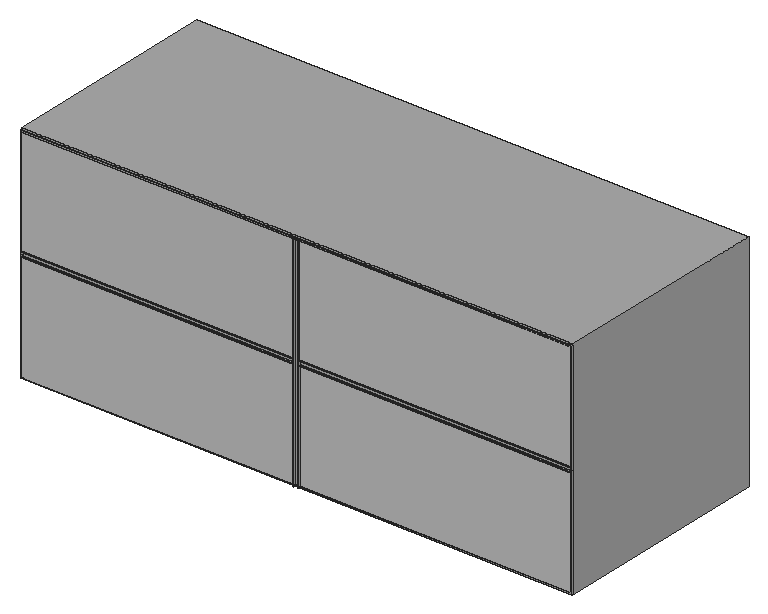
Revit family "vanity unit-hansgrohe-54198XXX-Xevolos E Vanity unit Slate Matt Grey 1370_550 with 4 drawers for consoles with 2 countertop basins ground", category Furniture, Revit 2019
Family settings
  OmniClass Number = 23.40.00.00
  OmniClass Title = Equipment and Furnishings
  Work Plane-Based = No
  Always vertical = Yes
  Cut with Voids When Loaded = No
  Shared = Yes
  Room Calculation Point = No
Parameters (values of type "54198770-SLATE_MATT_GREY-METALLIC_SLATE_GREY-200")
  etim7_EC011381 = "EC011381"
  WEIGHT = "85"
  UNSPSC = "56 | Furniture and Furnishings"
  UNIFORMATII = "E2010 | Fixed Furnishings"
  UNICLASS_2015_CODE = "40_30_78_05"
  UNICLASS2015 = "Pr_40_30_78_05 | Bathroom furniture"
  SURFACE = "METALLIC_SLATE_GREY"
  REGION = "Worldwide"
  PRODUCTURL = "https://pro.hansgrohe.com/articledetail--54198770"
  PERMALINK = "54198XXX"
  OMNICLASS = "23-21 19 15 33 13 | Residential Bathroom Specialty Casework"
  OBJECTTYPE = "Object (single object)"
  OBERFLAECHE = "SLATE_MATT_GREY"
  NN = "Vanity unit with 4 drawers for consoles with 2 countertop basins ground"
  NBSYN = "$ARTNR.-$OBERFLAECHE.-$SURFACE.-$LODLEVEL."
  NB = "54198770-SLATE_MATT_GREY-METALLIC_SLATE_GREY-200"
  NAME = "Xevolos E Vanity unit Slate Matt Grey 1370/550 with 4 drawers for consoles with 2 countertop basins ground"
  Model = "54198770-SLATE_MATT_GREY-METALLIC_SLATE_GREY-200"
  Manufacturer = "Hansgrohe"
  MIdent = "{$CADENAS_DATA/23d-libs/hansgrohe/xevolos_furniture/e_vanity_unit_4drawers_consoles_2countertop_basin/vanity_unit_4drawers_consoles_2countertopbasin.prj},309 {VTYP=3D},{NB=54198770-SLATE_MATT_GREY-METALLIC_SLATE_GREY-200},{LINA=54198770-SLATE_MATT_GREY-METALLIC_SLATE_GREY-200},{NN=Vanity unit with 4 drawers for consoles with 2 countertop basins ground},{DATE=13.03.2023 11:55:27},{GEOMDATE=12.03.2023 06:39:00},{VERSION=},{LINEID=90},{WBVAR=LODLEVEL},{WBNUMERIC=}  {NB=54198770-SLATE_MATT_GREY-METALLIC_SLATE_GREY-200},{LINA=54198770-SLATE_MATT_GREY-METALLIC_SLATE_GREY-200},{KT=DUMMY},{IDNR=9},{ARTNR=54198770},{BASENUMBER=54198},{MODEL=54198XXX},{OBERFLAECHE=SLATE_MATT_GREY},{SURFACE=METALLIC_SLATE_GREY},{L=1370},{LODLEVEL=200},{LODLEVELX='400','400','200','200'},{NAME=Xevolos E Vanity unit Slate Matt Grey 1370/550 with 4 drawers for consoles with 2 countertop basins ground},{PERMALINK=54198XXX},{OBJECTTYPE=Object (single object)},{BIMOBJECT=Sanitary: Compound units},{COLLECTIONSET=Xevolos E},{COLLECTION=vanity unit},{WEIGHT=85},{DESCRIPTION=Xevolos E Vanity unit Slate Matt Grey 1370/550 with 4 drawers for consoles with 2 countertop basins ground},{PRODUCTURL=https://pro.hansgrohe.com/articledetail--54198770},{GTINCODE=0},{TENDERURL=0},{IFC=Furnishing element},{ETIM=EC011381 | Bathroom furniture set},{UNICLASS2015=Pr_40_30_78_05 | Bathroom furniture},{OMNICLASS=23-21 19 15 33 13 | Residential Bathroom Specialty Casework},{MASTERFORMAT=12 35 30.23 | Bathroom Casework},{UNSPSC=56 | Furniture and Furnishings},{UNIFORMATII=E2010 | Fixed Furnishings},{REGION=Worldwide},{DESIGN=Germany},{MANUFACTURER=Germany}"
  MASTERFORMAT = "12 35 30.23 | Bathroom Casework"
  LODLEVEL = "200"
  LINA = "54198770-SLATE_MATT_GREY-METALLIC_SLATE_GREY-200"
  L = 1370
  IFC = "Furnishing element"
  IDNR = 9
  ETIM = "EC011381 | Bathroom furniture set"
  DESIGN = "Germany"
  COLLECTIONSET = "Xevolos E"
  COLLECTION = "vanity unit"
  CATALOG = "Hansgrohe"
  BIMOBJECT = "Sanitary: Compound units"
  BASENUMBER = "54198"
  ARTNR = "54198770"
  54198770-SLATE_MATT_GREY-METALLIC_SLATE_GREY-400_RX0RY0RZ0TX0TY0TZ0_V = no
  54198770-SLATE_MATT_GREY-METALLIC_SLATE_GREY-200_RX0RY0RZ0TX0TY0TZ0_V = yes
  54198730-SLATE_MATT_GREY-DARK_OAK-400_RX0RY0RZ0TX0TY0TZ0_V = no
  54198730-SLATE_MATT_GREY-DARK_OAK-200_RX0RY0RZ0TX0TY0TZ0_V = no
  54198390-SLATE_MATT_GREY-PATTEREND_BRONZE-400_RX0RY0RZ0TX0TY0TZ0_V = no
  54198390-SLATE_MATT_GREY-PATTEREND_BRONZE-200_RX0RY0RZ0TX0TY0TZ0_V = no
Reference planes
  plane 1 "Center (Front/Back)": y = 0
  plane 2: z = 0
  plane 3 "Center (Left/Right)": x = 0
Dimensions and locks
  aligned and locked: level to plane 2
Nested families
  nested 1: "54198390-slate_matt_grey-patterend_bronze-200_content" at (0, 0, 0), visible <- "54198390-SLATE_MATT_GREY-PATTEREND_BRONZE-200_RX0RY0RZ0TX0TY0TZ0_V", ContentVisible <- "54198390-SLATE_MATT_GREY-PATTEREND_BRONZE-200_RX0RY0RZ0TX0TY0TZ0_V", type "54198390-SLATE_MATT_GREY-PATTEREND_BRONZE-200_Content"
    with ContentVisible no
  nested 2: "54198390-slate_matt_grey-patterend_bronze-400_content" at (0, 0, 0), visible <- "54198390-SLATE_MATT_GREY-PATTEREND_BRONZE-400_RX0RY0RZ0TX0TY0TZ0_V", ContentVisible <- "54198390-SLATE_MATT_GREY-PATTEREND_BRONZE-400_RX0RY0RZ0TX0TY0TZ0_V", type "54198390-SLATE_MATT_GREY-PATTEREND_BRONZE-400_Content"
    with ContentVisible no
  nested 3: "54198730-slate_matt_grey-dark_oak-200_content" at (0, 0, 0), visible <- "54198730-SLATE_MATT_GREY-DARK_OAK-200_RX0RY0RZ0TX0TY0TZ0_V", ContentVisible <- "54198730-SLATE_MATT_GREY-DARK_OAK-200_RX0RY0RZ0TX0TY0TZ0_V", type "54198730-SLATE_MATT_GREY-DARK_OAK-200_Content"
    with ContentVisible no
  nested 4: "54198730-slate_matt_grey-dark_oak-400_content" at (0, 0, 0), visible <- "54198730-SLATE_MATT_GREY-DARK_OAK-400_RX0RY0RZ0TX0TY0TZ0_V", ContentVisible <- "54198730-SLATE_MATT_GREY-DARK_OAK-400_RX0RY0RZ0TX0TY0TZ0_V", type "54198730-SLATE_MATT_GREY-DARK_OAK-400_Content"
    with ContentVisible no
  nested 5: "54198770-slate_matt_grey-metallic_slate_grey-200_content" at (0, 0, 0), visible <- "54198770-SLATE_MATT_GREY-METALLIC_SLATE_GREY-200_RX0RY0RZ0TX0TY0TZ0_V", ContentVisible <- "54198770-SLATE_MATT_GREY-METALLIC_SLATE_GREY-200_RX0RY0RZ0TX0TY0TZ0_V", type "54198770-SLATE_MATT_GREY-METALLIC_SLATE_GREY-200_Content"
    with ContentVisible yes
  nested 6: "54198770-slate_matt_grey-metallic_slate_grey-400_content" at (0, 0, 0), visible <- "54198770-SLATE_MATT_GREY-METALLIC_SLATE_GREY-400_RX0RY0RZ0TX0TY0TZ0_V", ContentVisible <- "54198770-SLATE_MATT_GREY-METALLIC_SLATE_GREY-400_RX0RY0RZ0TX0TY0TZ0_V", type "54198770-SLATE_MATT_GREY-METALLIC_SLATE_GREY-400_Content"
    with ContentVisible no
Definition of nested family "54198770-slate_matt_grey-metallic_slate_grey-200_content"
  Parameters (values of type "54198770-SLATE_MATT_GREY-METALLIC_SLATE_GREY-200_Content")
    etim7_EC011381 = "EC011381"
    WEIGHT = "85"
    UNSPSC = "56 | Furniture and Furnishings"
    UNIFORMATII = "E2010 | Fixed Furnishings"
    UNICLASS_2015_CODE = "40_30_78_05"
    UNICLASS2015 = "Pr_40_30_78_05 | Bathroom furniture"
    SURFACE = "METALLIC_SLATE_GREY"
    REGION = "Worldwide"
    PRODUCTURL = "https://pro.hansgrohe.com/articledetail--54198770"
    PERMALINK = "54198XXX"
    OMNICLASS = "23-21 19 15 33 13 | Residential Bathroom Specialty Casework"
    OBJECTTYPE = "Object (single object)"
    OBERFLAECHE = "SLATE_MATT_GREY"
    NN = "Vanity unit with 4 drawers for consoles with 2 countertop basins ground"
    NBSYN = "$ARTNR.-$OBERFLAECHE.-$SURFACE.-$LODLEVEL."
    NB = "54198770-SLATE_MATT_GREY-METALLIC_SLATE_GREY-200"
    NAME = "Xevolos E Vanity unit Slate Matt Grey 1370/550 with 4 drawers for consoles with 2 countertop basins ground"
    Model = "54198770-SLATE_MATT_GREY-METALLIC_SLATE_GREY-200"
    Manufacturer = "Hansgrohe"
    MASTERFORMAT = "12 35 30.23 | Bathroom Casework"
    LODLEVEL = "200"
    LINA = "54198770-SLATE_MATT_GREY-METALLIC_SLATE_GREY-200"
    L = 1370
    IFC = "Furnishing element"
    IDNR = 9
    ETIM = "EC011381 | Bathroom furniture set"
    Default Elevation = 1219.2 mm
    DESIGN = "Germany"
    ContentVisible [instance] = yes
    COLLECTIONSET = "Xevolos E"
    COLLECTION = "vanity unit"
    CATALOG = "Hansgrohe"
    BIMOBJECT = "Sanitary: Compound units"
    BASENUMBER = "54198"
    ARTNR = "54198770"
  Reference planes
    plane 1 "Center (Front/Back)": y = 0
    plane 2: z = 0
    plane 3 "Center (Left/Right)": x = 0
  Forms (mm)
    Extrusion 1, solid, visible <- "ContentVisible", detail levels medium+fine
      sketch origin (0, 0, 0) x (1, 0, 0) y (0, 1, 0)
        loop
          line (-685, 0) -> (-685, -544.3) -> (685, -544.3) -> (685, 0) -> (-685, 0)
      from 0 to 558
    Extrusion 2, solid, visible <- "ContentVisible", detail levels medium+fine
      sketch origin (0, -544.3, 0) x (1, 0, 0) y (0, 0, -1)
        loop
          line (-685, -278) -> (-683, -278) -> (-683, -4) -> (683, -4) -> (683, -278) -> (685, -278) -> (685, -2) -> (-685, -2) -> (-685, -278)
      from -4 to 0
    Extrusion 3, solid, visible <- "ContentVisible", detail levels medium+fine
      sketch origin (0, -544.3, 0) x (1, 0, 0) y (0, 0, -1)
        loop
          line (-685, -278) -> (-685, -554) -> (685, -554) -> (685, -278) -> (683, -278) -> (683, -552) -> (-683, -552) -> (-683, -278) -> (-685, -278)
      from -4 to 0
    Extrusion 4, solid, visible <- "ContentVisible", detail levels medium+fine
      sketch origin (0, -544.3, 0) x (1, 0, 0) y (0, 0, -1)
        loop
          line (-683, -272.5) -> (-7, -272.5) -> (-7, -4) -> (-683, -4) -> (-683, -272.5)
      from -4 to 0
    Extrusion 5, solid, visible <- "ContentVisible", detail levels medium+fine
      sketch origin (0, -544.3, 0) x (1, 0, 0) y (0, 0, -1)
        loop
          line (7, -272.5) -> (683, -272.5) -> (683, -4) -> (7, -4) -> (7, -272.5)
      from -2 to 0
    Extrusion 6, solid, visible <- "ContentVisible", detail levels medium+fine
      sketch origin (0, -544.3, 0) x (1, 0, 0) y (0, 0, -1)
        loop
          line (-683, -554) -> (-7, -554) -> (-7, -285.5) -> (-683, -285.5) -> (-683, -554)
      from -4 to 0
    Extrusion 7, solid, visible <- "ContentVisible", detail levels medium+fine
      sketch origin (0, -544.3, 0) x (1, 0, 0) y (0, 0, -1)
        loop
          line (7, -554) -> (683, -554) -> (683, -285.5) -> (7, -285.5) -> (7, -554)
      from -4 to 0
    Extrusion 8, solid, visible <- "ContentVisible", detail levels medium+fine
      sketch origin (0, 0, 272.5) x (1, 0, 0) y (0, 1, 0)
        loop
          line (-683, -527) -> (-683, -548.3) -> (-7, -548.3) -> (-7, -527) -> (-683, -527)
      from 0 to 2
    Extrusion 9, solid, visible <- "ContentVisible", detail levels medium+fine
      sketch origin (0, 0, 272.5) x (1, 0, 0) y (0, 1, 0)
        loop
          line (7, -548.3) -> (683, -548.3) -> (683, -527) -> (7, -527) -> (7, -548.3)
      from 0 to 2
    Extrusion 10, solid, visible <- "ContentVisible", detail levels medium+fine
      sketch origin (0, 0, 285.5) x (1, 0, 0) y (0, 1, 0)
        loop
          line (-683, -527) -> (-683, -548.3) -> (-7, -548.3) -> (-7, -527) -> (-683, -527)
      from -2 to 0
    Extrusion 11, solid, visible <- "ContentVisible", detail levels medium+fine
      sketch origin (0, 0, 285.5) x (1, 0, 0) y (0, 1, 0)
        loop
          line (7, -548.3) -> (683, -548.3) -> (683, -527) -> (7, -527) -> (7, -548.3)
      from -2 to 0
    Extrusion 12, solid, visible <- "ContentVisible", detail levels medium+fine
      sketch origin (0, 0, 0) x (1, 0, 0) y (0, 1, 0)
        loop
          line (-7, -544.3) -> (-7, -548.3) -> (-5, -548.3) -> (-5, -544.3) -> (-7, -544.3)
      from 0 to 554
    Extrusion 13, solid, visible <- "ContentVisible", detail levels medium+fine
      sketch origin (0, 0, 0) x (1, 0, 0) y (0, 1, 0)
        loop
          line (5, -544.3) -> (5, -548.3) -> (7, -548.3) -> (7, -544.3) -> (5, -544.3)
      from 0 to 554
    Extrusion 14, solid, visible <- "ContentVisible", detail levels coarse
      sketch origin (0, -274.15, 0) x (1, 0, 0) y (0, 1, 0)
        loop
          line (-685, -274.15) -> (685, -274.15) -> (685, 274.15) -> (-685, 274.15) -> (-685, -274.15)
      from 0 to 558
  Dimensions and locks
    aligned and locked: level to plane 2
Definition of nested family "54198390-slate_matt_grey-patterend_bronze-200_content"
  Parameters (values of type "54198390-SLATE_MATT_GREY-PATTEREND_BRONZE-200_Content")
    etim7_EC011381 = "EC011381"
    WEIGHT = "85"
    UNSPSC = "56 | Furniture and Furnishings"
    UNIFORMATII = "E2010 | Fixed Furnishings"
    UNICLASS_2015_CODE = "40_30_78_05"
    UNICLASS2015 = "Pr_40_30_78_05 | Bathroom furniture"
    SURFACE = "PATTEREND_BRONZE"
    REGION = "Worldwide"
    PRODUCTURL = "https://pro.hansgrohe.com/articledetail--54198770"
    PERMALINK = "54198XXX"
    OMNICLASS = "23-21 19 15 33 13 | Residential Bathroom Specialty Casework"
    OBJECTTYPE = "Object (single object)"
    OBERFLAECHE = "SLATE_MATT_GREY"
    NN = "Vanity unit with 4 drawers for consoles with 2 countertop basins ground"
    NBSYN = "$ARTNR.-$OBERFLAECHE.-$SURFACE.-$LODLEVEL."
    NB = "54198390-SLATE_MATT_GREY-PATTEREND_BRONZE-200"
    NAME = "Xevolos E Vanity unit Slate Matt Grey 1370/550 with 4 drawers for consoles with 2 countertop basins ground"
    Model = "54198390-SLATE_MATT_GREY-PATTEREND_BRONZE-200"
    Manufacturer = "Hansgrohe"
    MASTERFORMAT = "12 35 30.23 | Bathroom Casework"
    LODLEVEL = "200"
    LINA = "54198390-SLATE_MATT_GREY-PATTEREND_BRONZE-200"
    L = 1370
    IFC = "Furnishing element"
    IDNR = 7
    ETIM = "EC011381 | Bathroom furniture set"
    Default Elevation = 1219.2 mm
    DESIGN = "Germany"
    ContentVisible [instance] = yes
    COLLECTIONSET = "Xevolos E"
    COLLECTION = "vanity unit"
    CATALOG = "Hansgrohe"
    BIMOBJECT = "Sanitary: Compound units"
    BASENUMBER = "54198"
    ARTNR = "54198390"
  Reference planes
    plane 1 "Center (Front/Back)": y = 0
    plane 2: z = 0
    plane 3 "Center (Left/Right)": x = 0
  Forms (mm)
    Extrusion 1, solid, visible <- "ContentVisible", detail levels medium+fine
      sketch origin (0, 0, 0) x (1, 0, 0) y (0, 1, 0)
        loop
          line (-685, 0) -> (-685, -544.3) -> (685, -544.3) -> (685, 0) -> (-685, 0)
      from 0 to 558
    Extrusion 2, solid, visible <- "ContentVisible", detail levels medium+fine
      sketch origin (0, -544.3, 0) x (1, 0, 0) y (0, 0, -1)
        loop
          line (-685, -278) -> (-683, -278) -> (-683, -4) -> (683, -4) -> (683, -278) -> (685, -278) -> (685, -2) -> (-685, -2) -> (-685, -278)
      from -4 to 0
    Extrusion 3, solid, visible <- "ContentVisible", detail levels medium+fine
      sketch origin (0, -544.3, 0) x (1, 0, 0) y (0, 0, -1)
        loop
          line (-685, -278) -> (-685, -554) -> (685, -554) -> (685, -278) -> (683, -278) -> (683, -552) -> (-683, -552) -> (-683, -278) -> (-685, -278)
      from -4 to 0
    Extrusion 4, solid, visible <- "ContentVisible", detail levels medium+fine
      sketch origin (0, -544.3, 0) x (1, 0, 0) y (0, 0, -1)
        loop
          line (-683, -272.5) -> (-7, -272.5) -> (-7, -4) -> (-683, -4) -> (-683, -272.5)
      from -4 to 0
    Extrusion 5, solid, visible <- "ContentVisible", detail levels medium+fine
      sketch origin (0, -544.3, 0) x (1, 0, 0) y (0, 0, -1)
        loop
          line (7, -272.5) -> (683, -272.5) -> (683, -4) -> (7, -4) -> (7, -272.5)
      from -2 to 0
    Extrusion 6, solid, visible <- "ContentVisible", detail levels medium+fine
      sketch origin (0, -544.3, 0) x (1, 0, 0) y (0, 0, -1)
        loop
          line (-683, -554) -> (-7, -554) -> (-7, -285.5) -> (-683, -285.5) -> (-683, -554)
      from -4 to 0
    Extrusion 7, solid, visible <- "ContentVisible", detail levels medium+fine
      sketch origin (0, -544.3, 0) x (1, 0, 0) y (0, 0, -1)
        loop
          line (7, -554) -> (683, -554) -> (683, -285.5) -> (7, -285.5) -> (7, -554)
      from -4 to 0
    Extrusion 8, solid, visible <- "ContentVisible", detail levels medium+fine
      sketch origin (0, 0, 272.5) x (1, 0, 0) y (0, 1, 0)
        loop
          line (-683, -527) -> (-683, -548.3) -> (-7, -548.3) -> (-7, -527) -> (-683, -527)
      from 0 to 2
    Extrusion 9, solid, visible <- "ContentVisible", detail levels medium+fine
      sketch origin (0, 0, 272.5) x (1, 0, 0) y (0, 1, 0)
        loop
          line (7, -548.3) -> (683, -548.3) -> (683, -527) -> (7, -527) -> (7, -548.3)
      from 0 to 2
    Extrusion 10, solid, visible <- "ContentVisible", detail levels medium+fine
      sketch origin (0, 0, 285.5) x (1, 0, 0) y (0, 1, 0)
        loop
          line (-683, -527) -> (-683, -548.3) -> (-7, -548.3) -> (-7, -527) -> (-683, -527)
      from -2 to 0
    Extrusion 11, solid, visible <- "ContentVisible", detail levels medium+fine
      sketch origin (0, 0, 285.5) x (1, 0, 0) y (0, 1, 0)
        loop
          line (7, -548.3) -> (683, -548.3) -> (683, -527) -> (7, -527) -> (7, -548.3)
      from -2 to 0
    Extrusion 12, solid, visible <- "ContentVisible", detail levels medium+fine
      sketch origin (0, 0, 0) x (1, 0, 0) y (0, 1, 0)
        loop
          line (-7, -544.3) -> (-7, -548.3) -> (-5, -548.3) -> (-5, -544.3) -> (-7, -544.3)
      from 0 to 554
    Extrusion 13, solid, visible <- "ContentVisible", detail levels medium+fine
      sketch origin (0, 0, 0) x (1, 0, 0) y (0, 1, 0)
        loop
          line (5, -544.3) -> (5, -548.3) -> (7, -548.3) -> (7, -544.3) -> (5, -544.3)
      from 0 to 554
    Extrusion 14, solid, visible <- "ContentVisible", detail levels coarse
      sketch origin (0, -274.15, 0) x (1, 0, 0) y (0, 1, 0)
        loop
          line (-685, -274.15) -> (685, -274.15) -> (685, 274.15) -> (-685, 274.15) -> (-685, -274.15)
      from 0 to 558
  Dimensions and locks
    aligned and locked: level to plane 2
Definition of nested family "54198390-slate_matt_grey-patterend_bronze-400_content"
  Parameters (values of type "54198390-SLATE_MATT_GREY-PATTEREND_BRONZE-400_Content")
    etim7_EC011381 = "EC011381"
    WEIGHT = "85"
    UNSPSC = "56 | Furniture and Furnishings"
    UNIFORMATII = "E2010 | Fixed Furnishings"
    UNICLASS_2015_CODE = "40_30_78_05"
    UNICLASS2015 = "Pr_40_30_78_05 | Bathroom furniture"
    SURFACE = "PATTEREND_BRONZE"
    REGION = "Worldwide"
    PRODUCTURL = "https://pro.hansgrohe.com/articledetail--54198770"
    PERMALINK = "54198XXX"
    OMNICLASS = "23-21 19 15 33 13 | Residential Bathroom Specialty Casework"
    OBJECTTYPE = "Object (single object)"
    OBERFLAECHE = "SLATE_MATT_GREY"
    NN = "Vanity unit with 4 drawers for consoles with 2 countertop basins ground"
    NBSYN = "$ARTNR.-$OBERFLAECHE.-$SURFACE.-$LODLEVEL."
    NB = "54198390-SLATE_MATT_GREY-PATTEREND_BRONZE-400"
    NAME = "Xevolos E Vanity unit Slate Matt Grey 1370/550 with 4 drawers for consoles with 2 countertop basins ground"
    Model = "54198390-SLATE_MATT_GREY-PATTEREND_BRONZE-400"
    Manufacturer = "Hansgrohe"
    MASTERFORMAT = "12 35 30.23 | Bathroom Casework"
    LODLEVEL = "400"
    LINA = "54198390-SLATE_MATT_GREY-PATTEREND_BRONZE-400"
    L = 1370
    IFC = "Furnishing element"
    IDNR = 7
    ETIM = "EC011381 | Bathroom furniture set"
    Default Elevation = 1219.2 mm
    DESIGN = "Germany"
    ContentVisible [instance] = yes
    COLLECTIONSET = "Xevolos E"
    COLLECTION = "vanity unit"
    CATALOG = "Hansgrohe"
    BIMOBJECT = "Sanitary: Compound units"
    BASENUMBER = "54198"
    ARTNR = "54198390"
  Reference planes
    plane 1 "Center (Front/Back)": y = 0
    plane 2: z = 0
    plane 3 "Center (Left/Right)": x = 0
  Forms (mm)
    Extrusion 1, solid, visible <- "ContentVisible", detail levels medium+fine
      sketch origin (0, 0, 0) x (1, 0, 0) y (0, 1, 0)
        loop
          line (-685, 0) -> (-685, -548.3) -> (-683, -548.3) -> (-683, -544.3) -> (-669, -544.3) -> (-669, 0) -> (-685, 0)
      from 0 to 558
    Extrusion 2, solid, visible <- "ContentVisible", detail levels medium+fine
      sketch origin (0, 0, 0) x (1, 0, 0) y (0, 1, 0)
        loop
          line (-669, -131.5) -> (-669, -498) -> (669, -498) -> (669, -131.5) -> (-669, -131.5)
      from 0 to 16
    Extrusion 3, solid, visible <- "ContentVisible", detail levels medium+fine
      sketch origin (0, 0, 0) x (1, 0, 0) y (0, 1, 0)
        loop
          line (669, 0) -> (669, -544.3) -> (683, -544.3) -> (683, -548.3) -> (685, -548.3) -> (685, 0) -> (669, 0)
      from 0 to 558
    Extrusion 4, solid, visible <- "ContentVisible", detail levels medium+fine
      sketch origin (0, 0, 0.5) x (1, 0, 0) y (0, 1, 0)
        loop
          line (-669, -115.5) -> (-669, -131.5) -> (669, -131.5) -> (669, -115.5) -> (-669, -115.5)
      from 0 to 126
    Extrusion 5, solid, visible <- "ContentVisible", detail levels medium+fine
      sketch origin (0, 0, 0) x (1, 0, 0) y (0, 1, 0)
        loop
          line (-5, -536) -> (5, -536) -> (5, 0) -> (-5, 0) -> (-5, -536)
      from 0 to 558
    Extrusion 6, solid, visible <- "ContentVisible", detail levels medium+fine
      sketch origin (0, 0, 0) x (1, 0, 0) y (0, 1, 0)
        loop
          line (-21, 0) -> (-21, -544.3) -> (-7, -544.3) -> (-7, -548.3) -> (-5, -548.3) -> (-5, 0) -> (-21, 0)
      from 0 to 558
    Extrusion 7, solid, visible <- "ContentVisible", detail levels medium+fine
      sketch origin (0, 0, 0) x (1, 0, 0) y (0, 1, 0)
        loop
          line (5, 0) -> (5, -548.3) -> (7, -548.3) -> (7, -544.3) -> (21, -544.3) -> (21, 0) -> (5, 0)
      from 0 to 558
    Extrusion 8, solid, visible <- "ContentVisible", detail levels medium+fine
      sketch origin (0, 0, 2) x (1, 0, 0) y (0, 1, 0)
        loop
          line (-683, -527) -> (-683, -548.3) -> (-7, -548.3) -> (-7, -527) -> (-683, -527)
      from 0 to 2
    Extrusion 9, solid, visible <- "ContentVisible", detail levels medium+fine
      sketch origin (0, 0, 2) x (1, 0, 0) y (0, 1, 0)
        loop
          line (7, -548.3) -> (683, -548.3) -> (683, -527) -> (7, -527) -> (7, -548.3)
      from 0 to 2
    Extrusion 10, solid, visible <- "ContentVisible", detail levels medium+fine
      sketch origin (0, 0, 556) x (1, 0, 0) y (0, 1, 0)
        loop
          line (-683, -527) -> (-683, -548.3) -> (-7, -548.3) -> (-7, -527) -> (-683, -527)
      from -2 to 0
    Extrusion 11, solid, visible <- "ContentVisible", detail levels medium+fine
      sketch origin (0, 0, 556) x (1, 0, 0) y (0, 1, 0)
        loop
          line (7, -548.3) -> (683, -548.3) -> (683, -527) -> (7, -527) -> (7, -548.3)
      from -2 to 0
    Extrusion 12, solid, visible <- "ContentVisible", detail levels medium+fine
      sketch origin (0, -544.3, 0) x (1, 0, 0) y (0, 0, -1)
        loop
          line (-683, -272.5) -> (-7, -272.5) -> (-7, -4) -> (-683, -4) -> (-683, -272.5)
      from -4 to 0
    Extrusion 13, solid, visible <- "ContentVisible", detail levels medium+fine
      sketch origin (0, -544.3, 0) x (1, 0, 0) y (0, 0, -1)
        loop
          line (7, -272.5) -> (683, -272.5) -> (683, -4) -> (7, -4) -> (7, -272.5)
      from -2 to 0
    Extrusion 14, solid, visible <- "ContentVisible", detail levels medium+fine
      sketch origin (0, -544.3, 0) x (1, 0, 0) y (0, 0, -1)
        loop
          line (-683, -554) -> (-7, -554) -> (-7, -285.5) -> (-683, -285.5) -> (-683, -554)
      from -4 to 0
    Extrusion 15, solid, visible <- "ContentVisible", detail levels medium+fine
      sketch origin (0, -544.3, 0) x (1, 0, 0) y (0, 0, -1)
        loop
          line (7, -554) -> (683, -554) -> (683, -285.5) -> (7, -285.5) -> (7, -554)
      from -4 to 0
    Extrusion 16, solid, visible <- "ContentVisible", detail levels medium+fine
      sketch origin (0, 0, 272.5) x (1, 0, 0) y (0, 1, 0)
        loop
          line (-683, -527) -> (-683, -548.3) -> (-7, -548.3) -> (-7, -527) -> (-683, -527)
      from 0 to 2
    Extrusion 17, solid, visible <- "ContentVisible", detail levels medium+fine
      sketch origin (0, 0, 272.5) x (1, 0, 0) y (0, 1, 0)
        loop
          line (7, -548.3) -> (683, -548.3) -> (683, -527) -> (7, -527) -> (7, -548.3)
      from 0 to 2
    Extrusion 18, solid, visible <- "ContentVisible", detail levels medium+fine
      sketch origin (0, 0, 285.5) x (1, 0, 0) y (0, 1, 0)
        loop
          line (-683, -527) -> (-683, -548.3) -> (-7, -548.3) -> (-7, -527) -> (-683, -527)
      from -2 to 0
    Extrusion 19, solid, visible <- "ContentVisible", detail levels medium+fine
      sketch origin (0, 0, 285.5) x (1, 0, 0) y (0, 1, 0)
        loop
          line (7, -548.3) -> (683, -548.3) -> (683, -527) -> (7, -527) -> (7, -548.3)
      from -2 to 0
    Extrusion 20, solid, visible <- "ContentVisible", detail levels medium+fine
      sketch origin (0, -544.3, 0) x (1, 0, 0) y (0, 0, -1)
        loop
          line (-683, -274.5) -> (-7, -274.5) -> (-7, -4.5) -> (-683, -4.5) -> (-683, -274.5)
        loop
          line (-609, -80.5) -> (-609, -272.5) -> (-81, -272.5) -> (-81, -80.5) -> (-609, -80.5)
      from 0 to 17
    Extrusion 21, solid, visible <- "ContentVisible", detail levels medium+fine
      sketch origin (0, -544.3, 0) x (1, 0, 0) y (0, 0, -1)
        loop
          line (7, -274.5) -> (683, -274.5) -> (683, -4.5) -> (7, -4.5) -> (7, -274.5)
        loop
          line (81, -80.5) -> (81, -272.5) -> (609, -272.5) -> (609, -80.5) -> (81, -80.5)
      from 0 to 17
    Extrusion 22, solid, visible <- "ContentVisible", detail levels medium+fine
      sketch origin (0, -544.3, 0) x (1, 0, 0) y (0, 0, -1)
        loop
          line (-683, -553.5) -> (-607, -553.5) -> (-607, -361.5) -> (-83, -361.5) -> (-83, -553.5) -> (-7, -553.5) -> (-7, -285.5) -> (-683, -285.5) -> (-683, -553.5)
      from 0 to 17
    Extrusion 23, solid, visible <- "ContentVisible", detail levels medium+fine
      sketch origin (0, -544.3, 0) x (1, 0, 0) y (0, 0, -1)
        loop
          line (7, -285.5) -> (7, -553.5) -> (83, -553.5) -> (83, -361.5) -> (607, -361.5) -> (607, -553.5) -> (683, -553.5) -> (683, -285.5) -> (7, -285.5)
      from 0 to 17
    Extrusion 24, solid, visible <- "ContentVisible", detail levels medium+fine
      sketch origin (0, 0, 0) x (0, 0, -1) y (0, 1, 0)
        loop
          line (-285, -395.5) -> (-285, -520) -> (-269, -520) -> (-269, -395.5) -> (-285, -395.5)
      from -669 to 669
    Extrusion 25, solid, visible <- "ContentVisible", detail levels medium+fine
      sketch origin (0, 0, 557.5) x (1, 0, 0) y (0, 1, 0)
        loop
          line (-669, -521.5) -> (-21, -521.5) -> (-21, -23) -> (-195, -23) -> (-195, -273)
          arc (-195, -273) -> (-224.289, -343.711) -> (-295, -373) r 100
          line (-295, -373) -> (-395, -373)
          arc (-395, -373) -> (-465.711, -343.711) -> (-495, -273) r 100
          line (-495, -273) -> (-495, -23) -> (-669, -23) -> (-669, -521.5)
      from -16 to 0
    Extrusion 26, solid, visible <- "ContentVisible", detail levels medium+fine
      sketch origin (0, 0, 557.5) x (1, 0, 0) y (0, 1, 0)
        loop
          line (21, -23) -> (21, -521.5) -> (669, -521.5) -> (669, -23) -> (495, -23) -> (495, -273)
          arc (495, -273) -> (465.711, -343.711) -> (395, -373) r 100
          line (395, -373) -> (295, -373)
          arc (295, -373) -> (224.289, -343.711) -> (195, -273) r 100
          line (195, -273) -> (195, -23) -> (21, -23)
      from -16 to 0
    Extrusion 27, solid, visible <- "ContentVisible", detail levels coarse
      sketch origin (0, -274.15, 0) x (1, 0, 0) y (0, 1, 0)
        loop
          line (-685, -274.15) -> (685, -274.15) -> (685, 274.15) -> (-685, 274.15) -> (-685, -274.15)
      from 0 to 558
  Dimensions and locks
    aligned and locked: level to plane 2
Definition of nested family "54198730-slate_matt_grey-dark_oak-200_content"
  Parameters (values of type "54198730-SLATE_MATT_GREY-DARK_OAK-200_Content")
    etim7_EC011381 = "EC011381"
    WEIGHT = "85"
    UNSPSC = "56 | Furniture and Furnishings"
    UNIFORMATII = "E2010 | Fixed Furnishings"
    UNICLASS_2015_CODE = "40_30_78_05"
    UNICLASS2015 = "Pr_40_30_78_05 | Bathroom furniture"
    SURFACE = "DARK_OAK"
    REGION = "Worldwide"
    PRODUCTURL = "https://pro.hansgrohe.com/articledetail--54198770"
    PERMALINK = "54198XXX"
    OMNICLASS = "23-21 19 15 33 13 | Residential Bathroom Specialty Casework"
    OBJECTTYPE = "Object (single object)"
    OBERFLAECHE = "SLATE_MATT_GREY"
    NN = "Vanity unit with 4 drawers for consoles with 2 countertop basins ground"
    NBSYN = "$ARTNR.-$OBERFLAECHE.-$SURFACE.-$LODLEVEL."
    NB = "54198730-SLATE_MATT_GREY-DARK_OAK-200"
    NAME = "Xevolos E Vanity unit Slate Matt Grey 1370/550 with 4 drawers for consoles with 2 countertop basins ground"
    Model = "54198730-SLATE_MATT_GREY-DARK_OAK-200"
    Manufacturer = "Hansgrohe"
    MASTERFORMAT = "12 35 30.23 | Bathroom Casework"
    LODLEVEL = "200"
    LINA = "54198730-SLATE_MATT_GREY-DARK_OAK-200"
    L = 1370
    IFC = "Furnishing element"
    IDNR = 8
    ETIM = "EC011381 | Bathroom furniture set"
    Default Elevation = 1219.2 mm
    DESIGN = "Germany"
    ContentVisible [instance] = yes
    COLLECTIONSET = "Xevolos E"
    COLLECTION = "vanity unit"
    CATALOG = "Hansgrohe"
    BIMOBJECT = "Sanitary: Compound units"
    BASENUMBER = "54198"
    ARTNR = "54198730"
  Reference planes
    plane 1 "Center (Front/Back)": y = 0
    plane 2: z = 0
    plane 3 "Center (Left/Right)": x = 0
  Forms (mm)
    Extrusion 1, solid, visible <- "ContentVisible", detail levels medium+fine
      sketch origin (0, 0, 0) x (1, 0, 0) y (0, 1, 0)
        loop
          line (-685, 0) -> (-685, -544.3) -> (685, -544.3) -> (685, 0) -> (-685, 0)
      from 0 to 558
    Extrusion 2, solid, visible <- "ContentVisible", detail levels medium+fine
      sketch origin (0, -544.3, 0) x (1, 0, 0) y (0, 0, -1)
        loop
          line (-685, -278) -> (-683, -278) -> (-683, -4) -> (683, -4) -> (683, -278) -> (685, -278) -> (685, -2) -> (-685, -2) -> (-685, -278)
      from -4 to 0
    Extrusion 3, solid, visible <- "ContentVisible", detail levels medium+fine
      sketch origin (0, -544.3, 0) x (1, 0, 0) y (0, 0, -1)
        loop
          line (-685, -278) -> (-685, -554) -> (685, -554) -> (685, -278) -> (683, -278) -> (683, -552) -> (-683, -552) -> (-683, -278) -> (-685, -278)
      from -4 to 0
    Extrusion 4, solid, visible <- "ContentVisible", detail levels medium+fine
      sketch origin (0, -544.3, 0) x (1, 0, 0) y (0, 0, -1)
        loop
          line (-683, -272.5) -> (-7, -272.5) -> (-7, -4) -> (-683, -4) -> (-683, -272.5)
      from -4 to 0
    Extrusion 5, solid, visible <- "ContentVisible", detail levels medium+fine
      sketch origin (0, -544.3, 0) x (1, 0, 0) y (0, 0, -1)
        loop
          line (7, -272.5) -> (683, -272.5) -> (683, -4) -> (7, -4) -> (7, -272.5)
      from -2 to 0
    Extrusion 6, solid, visible <- "ContentVisible", detail levels medium+fine
      sketch origin (0, -544.3, 0) x (1, 0, 0) y (0, 0, -1)
        loop
          line (-683, -554) -> (-7, -554) -> (-7, -285.5) -> (-683, -285.5) -> (-683, -554)
      from -4 to 0
    Extrusion 7, solid, visible <- "ContentVisible", detail levels medium+fine
      sketch origin (0, -544.3, 0) x (1, 0, 0) y (0, 0, -1)
        loop
          line (7, -554) -> (683, -554) -> (683, -285.5) -> (7, -285.5) -> (7, -554)
      from -4 to 0
    Extrusion 8, solid, visible <- "ContentVisible", detail levels medium+fine
      sketch origin (0, 0, 272.5) x (1, 0, 0) y (0, 1, 0)
        loop
          line (-683, -527) -> (-683, -548.3) -> (-7, -548.3) -> (-7, -527) -> (-683, -527)
      from 0 to 2
    Extrusion 9, solid, visible <- "ContentVisible", detail levels medium+fine
      sketch origin (0, 0, 272.5) x (1, 0, 0) y (0, 1, 0)
        loop
          line (7, -548.3) -> (683, -548.3) -> (683, -527) -> (7, -527) -> (7, -548.3)
      from 0 to 2
    Extrusion 10, solid, visible <- "ContentVisible", detail levels medium+fine
      sketch origin (0, 0, 285.5) x (1, 0, 0) y (0, 1, 0)
        loop
          line (-683, -527) -> (-683, -548.3) -> (-7, -548.3) -> (-7, -527) -> (-683, -527)
      from -2 to 0
    Extrusion 11, solid, visible <- "ContentVisible", detail levels medium+fine
      sketch origin (0, 0, 285.5) x (1, 0, 0) y (0, 1, 0)
        loop
          line (7, -548.3) -> (683, -548.3) -> (683, -527) -> (7, -527) -> (7, -548.3)
      from -2 to 0
    Extrusion 12, solid, visible <- "ContentVisible", detail levels medium+fine
      sketch origin (0, 0, 0) x (1, 0, 0) y (0, 1, 0)
        loop
          line (-7, -544.3) -> (-7, -548.3) -> (-5, -548.3) -> (-5, -544.3) -> (-7, -544.3)
      from 0 to 554
    Extrusion 13, solid, visible <- "ContentVisible", detail levels medium+fine
      sketch origin (0, 0, 0) x (1, 0, 0) y (0, 1, 0)
        loop
          line (5, -544.3) -> (5, -548.3) -> (7, -548.3) -> (7, -544.3) -> (5, -544.3)
      from 0 to 554
    Extrusion 14, solid, visible <- "ContentVisible", detail levels coarse
      sketch origin (0, -274.15, 0) x (1, 0, 0) y (0, 1, 0)
        loop
          line (-685, -274.15) -> (685, -274.15) -> (685, 274.15) -> (-685, 274.15) -> (-685, -274.15)
      from 0 to 558
  Dimensions and locks
    aligned and locked: level to plane 2
Definition of nested family "54198730-slate_matt_grey-dark_oak-400_content"
  Parameters (values of type "54198730-SLATE_MATT_GREY-DARK_OAK-400_Content")
    etim7_EC011381 = "EC011381"
    WEIGHT = "85"
    UNSPSC = "56 | Furniture and Furnishings"
    UNIFORMATII = "E2010 | Fixed Furnishings"
    UNICLASS_2015_CODE = "40_30_78_05"
    UNICLASS2015 = "Pr_40_30_78_05 | Bathroom furniture"
    SURFACE = "DARK_OAK"
    REGION = "Worldwide"
    PRODUCTURL = "https://pro.hansgrohe.com/articledetail--54198770"
    PERMALINK = "54198XXX"
    OMNICLASS = "23-21 19 15 33 13 | Residential Bathroom Specialty Casework"
    OBJECTTYPE = "Object (single object)"
    OBERFLAECHE = "SLATE_MATT_GREY"
    NN = "Vanity unit with 4 drawers for consoles with 2 countertop basins ground"
    NBSYN = "$ARTNR.-$OBERFLAECHE.-$SURFACE.-$LODLEVEL."
    NB = "54198730-SLATE_MATT_GREY-DARK_OAK-400"
    NAME = "Xevolos E Vanity unit Slate Matt Grey 1370/550 with 4 drawers for consoles with 2 countertop basins ground"
    Model = "54198730-SLATE_MATT_GREY-DARK_OAK-400"
    Manufacturer = "Hansgrohe"
    MASTERFORMAT = "12 35 30.23 | Bathroom Casework"
    LODLEVEL = "400"
    LINA = "54198730-SLATE_MATT_GREY-DARK_OAK-400"
    L = 1370
    IFC = "Furnishing element"
    IDNR = 8
    ETIM = "EC011381 | Bathroom furniture set"
    Default Elevation = 1219.2 mm
    DESIGN = "Germany"
    ContentVisible [instance] = yes
    COLLECTIONSET = "Xevolos E"
    COLLECTION = "vanity unit"
    CATALOG = "Hansgrohe"
    BIMOBJECT = "Sanitary: Compound units"
    BASENUMBER = "54198"
    ARTNR = "54198730"
  Reference planes
    plane 1 "Center (Front/Back)": y = 0
    plane 2: z = 0
    plane 3 "Center (Left/Right)": x = 0
  Forms (mm)
    Extrusion 1, solid, visible <- "ContentVisible", detail levels medium+fine
      sketch origin (0, 0, 0) x (1, 0, 0) y (0, 1, 0)
        loop
          line (-685, 0) -> (-685, -548.3) -> (-683, -548.3) -> (-683, -544.3) -> (-669, -544.3) -> (-669, 0) -> (-685, 0)
      from 0 to 558
    Extrusion 2, solid, visible <- "ContentVisible", detail levels medium+fine
      sketch origin (0, 0, 0) x (1, 0, 0) y (0, 1, 0)
        loop
          line (-669, -131.5) -> (-669, -498) -> (669, -498) -> (669, -131.5) -> (-669, -131.5)
      from 0 to 16
    Extrusion 3, solid, visible <- "ContentVisible", detail levels medium+fine
      sketch origin (0, 0, 0) x (1, 0, 0) y (0, 1, 0)
        loop
          line (669, 0) -> (669, -544.3) -> (683, -544.3) -> (683, -548.3) -> (685, -548.3) -> (685, 0) -> (669, 0)
      from 0 to 558
    Extrusion 4, solid, visible <- "ContentVisible", detail levels medium+fine
      sketch origin (0, 0, 0.5) x (1, 0, 0) y (0, 1, 0)
        loop
          line (-669, -115.5) -> (-669, -131.5) -> (669, -131.5) -> (669, -115.5) -> (-669, -115.5)
      from 0 to 126
    Extrusion 5, solid, visible <- "ContentVisible", detail levels medium+fine
      sketch origin (0, 0, 0) x (1, 0, 0) y (0, 1, 0)
        loop
          line (-5, -536) -> (5, -536) -> (5, 0) -> (-5, 0) -> (-5, -536)
      from 0 to 558
    Extrusion 6, solid, visible <- "ContentVisible", detail levels medium+fine
      sketch origin (0, 0, 0) x (1, 0, 0) y (0, 1, 0)
        loop
          line (-21, 0) -> (-21, -544.3) -> (-7, -544.3) -> (-7, -548.3) -> (-5, -548.3) -> (-5, 0) -> (-21, 0)
      from 0 to 558
    Extrusion 7, solid, visible <- "ContentVisible", detail levels medium+fine
      sketch origin (0, 0, 0) x (1, 0, 0) y (0, 1, 0)
        loop
          line (5, 0) -> (5, -548.3) -> (7, -548.3) -> (7, -544.3) -> (21, -544.3) -> (21, 0) -> (5, 0)
      from 0 to 558
    Extrusion 8, solid, visible <- "ContentVisible", detail levels medium+fine
      sketch origin (0, 0, 2) x (1, 0, 0) y (0, 1, 0)
        loop
          line (-683, -527) -> (-683, -548.3) -> (-7, -548.3) -> (-7, -527) -> (-683, -527)
      from 0 to 2
    Extrusion 9, solid, visible <- "ContentVisible", detail levels medium+fine
      sketch origin (0, 0, 2) x (1, 0, 0) y (0, 1, 0)
        loop
          line (7, -548.3) -> (683, -548.3) -> (683, -527) -> (7, -527) -> (7, -548.3)
      from 0 to 2
    Extrusion 10, solid, visible <- "ContentVisible", detail levels medium+fine
      sketch origin (0, 0, 556) x (1, 0, 0) y (0, 1, 0)
        loop
          line (-683, -527) -> (-683, -548.3) -> (-7, -548.3) -> (-7, -527) -> (-683, -527)
      from -2 to 0
    Extrusion 11, solid, visible <- "ContentVisible", detail levels medium+fine
      sketch origin (0, 0, 556) x (1, 0, 0) y (0, 1, 0)
        loop
          line (7, -548.3) -> (683, -548.3) -> (683, -527) -> (7, -527) -> (7, -548.3)
      from -2 to 0
    Extrusion 12, solid, visible <- "ContentVisible", detail levels medium+fine
      sketch origin (0, -544.3, 0) x (1, 0, 0) y (0, 0, -1)
        loop
          line (-683, -272.5) -> (-7, -272.5) -> (-7, -4) -> (-683, -4) -> (-683, -272.5)
      from -4 to 0
    Extrusion 13, solid, visible <- "ContentVisible", detail levels medium+fine
      sketch origin (0, -544.3, 0) x (1, 0, 0) y (0, 0, -1)
        loop
          line (7, -272.5) -> (683, -272.5) -> (683, -4) -> (7, -4) -> (7, -272.5)
      from -2 to 0
    Extrusion 14, solid, visible <- "ContentVisible", detail levels medium+fine
      sketch origin (0, -544.3, 0) x (1, 0, 0) y (0, 0, -1)
        loop
          line (-683, -554) -> (-7, -554) -> (-7, -285.5) -> (-683, -285.5) -> (-683, -554)
      from -4 to 0
    Extrusion 15, solid, visible <- "ContentVisible", detail levels medium+fine
      sketch origin (0, -544.3, 0) x (1, 0, 0) y (0, 0, -1)
        loop
          line (7, -554) -> (683, -554) -> (683, -285.5) -> (7, -285.5) -> (7, -554)
      from -4 to 0
    Extrusion 16, solid, visible <- "ContentVisible", detail levels medium+fine
      sketch origin (0, 0, 272.5) x (1, 0, 0) y (0, 1, 0)
        loop
          line (-683, -527) -> (-683, -548.3) -> (-7, -548.3) -> (-7, -527) -> (-683, -527)
      from 0 to 2
    Extrusion 17, solid, visible <- "ContentVisible", detail levels medium+fine
      sketch origin (0, 0, 272.5) x (1, 0, 0) y (0, 1, 0)
        loop
          line (7, -548.3) -> (683, -548.3) -> (683, -527) -> (7, -527) -> (7, -548.3)
      from 0 to 2
    Extrusion 18, solid, visible <- "ContentVisible", detail levels medium+fine
      sketch origin (0, 0, 285.5) x (1, 0, 0) y (0, 1, 0)
        loop
          line (-683, -527) -> (-683, -548.3) -> (-7, -548.3) -> (-7, -527) -> (-683, -527)
      from -2 to 0
    Extrusion 19, solid, visible <- "ContentVisible", detail levels medium+fine
      sketch origin (0, 0, 285.5) x (1, 0, 0) y (0, 1, 0)
        loop
          line (7, -548.3) -> (683, -548.3) -> (683, -527) -> (7, -527) -> (7, -548.3)
      from -2 to 0
    Extrusion 20, solid, visible <- "ContentVisible", detail levels medium+fine
      sketch origin (0, -544.3, 0) x (1, 0, 0) y (0, 0, -1)
        loop
          line (-683, -274.5) -> (-7, -274.5) -> (-7, -4.5) -> (-683, -4.5) -> (-683, -274.5)
        loop
          line (-609, -80.5) -> (-609, -272.5) -> (-81, -272.5) -> (-81, -80.5) -> (-609, -80.5)
      from 0 to 17
    Extrusion 21, solid, visible <- "ContentVisible", detail levels medium+fine
      sketch origin (0, -544.3, 0) x (1, 0, 0) y (0, 0, -1)
        loop
          line (7, -274.5) -> (683, -274.5) -> (683, -4.5) -> (7, -4.5) -> (7, -274.5)
        loop
          line (81, -80.5) -> (81, -272.5) -> (609, -272.5) -> (609, -80.5) -> (81, -80.5)
      from 0 to 17
    Extrusion 22, solid, visible <- "ContentVisible", detail levels medium+fine
      sketch origin (0, -544.3, 0) x (1, 0, 0) y (0, 0, -1)
        loop
          line (-683, -553.5) -> (-607, -553.5) -> (-607, -361.5) -> (-83, -361.5) -> (-83, -553.5) -> (-7, -553.5) -> (-7, -285.5) -> (-683, -285.5) -> (-683, -553.5)
      from 0 to 17
    Extrusion 23, solid, visible <- "ContentVisible", detail levels medium+fine
      sketch origin (0, -544.3, 0) x (1, 0, 0) y (0, 0, -1)
        loop
          line (7, -285.5) -> (7, -553.5) -> (83, -553.5) -> (83, -361.5) -> (607, -361.5) -> (607, -553.5) -> (683, -553.5) -> (683, -285.5) -> (7, -285.5)
      from 0 to 17
    Extrusion 24, solid, visible <- "ContentVisible", detail levels medium+fine
      sketch origin (0, 0, 0) x (0, 0, -1) y (0, 1, 0)
        loop
          line (-285, -395.5) -> (-285, -520) -> (-269, -520) -> (-269, -395.5) -> (-285, -395.5)
      from -669 to 669
    Extrusion 25, solid, visible <- "ContentVisible", detail levels medium+fine
      sketch origin (0, 0, 557.5) x (1, 0, 0) y (0, 1, 0)
        loop
          line (-669, -521.5) -> (-21, -521.5) -> (-21, -23) -> (-195, -23) -> (-195, -273)
          arc (-195, -273) -> (-224.289, -343.711) -> (-295, -373) r 100
          line (-295, -373) -> (-395, -373)
          arc (-395, -373) -> (-465.711, -343.711) -> (-495, -273) r 100
          line (-495, -273) -> (-495, -23) -> (-669, -23) -> (-669, -521.5)
      from -16 to 0
    Extrusion 26, solid, visible <- "ContentVisible", detail levels medium+fine
      sketch origin (0, 0, 557.5) x (1, 0, 0) y (0, 1, 0)
        loop
          line (21, -23) -> (21, -521.5) -> (669, -521.5) -> (669, -23) -> (495, -23) -> (495, -273)
          arc (495, -273) -> (465.711, -343.711) -> (395, -373) r 100
          line (395, -373) -> (295, -373)
          arc (295, -373) -> (224.289, -343.711) -> (195, -273) r 100
          line (195, -273) -> (195, -23) -> (21, -23)
      from -16 to 0
    Extrusion 27, solid, visible <- "ContentVisible", detail levels coarse
      sketch origin (0, -274.15, 0) x (1, 0, 0) y (0, 1, 0)
        loop
          line (-685, -274.15) -> (685, -274.15) -> (685, 274.15) -> (-685, 274.15) -> (-685, -274.15)
      from 0 to 558
  Dimensions and locks
    aligned and locked: level to plane 2
Definition of nested family "54198770-slate_matt_grey-metallic_slate_grey-400_content"
  Parameters (values of type "54198770-SLATE_MATT_GREY-METALLIC_SLATE_GREY-400_Content")
    etim7_EC011381 = "EC011381"
    WEIGHT = "85"
    UNSPSC = "56 | Furniture and Furnishings"
    UNIFORMATII = "E2010 | Fixed Furnishings"
    UNICLASS_2015_CODE = "40_30_78_05"
    UNICLASS2015 = "Pr_40_30_78_05 | Bathroom furniture"
    SURFACE = "METALLIC_SLATE_GREY"
    REGION = "Worldwide"
    PRODUCTURL = "https://pro.hansgrohe.com/articledetail--54198770"
    PERMALINK = "54198XXX"
    OMNICLASS = "23-21 19 15 33 13 | Residential Bathroom Specialty Casework"
    OBJECTTYPE = "Object (single object)"
    OBERFLAECHE = "SLATE_MATT_GREY"
    NN = "Vanity unit with 4 drawers for consoles with 2 countertop basins ground"
    NBSYN = "$ARTNR.-$OBERFLAECHE.-$SURFACE.-$LODLEVEL."
    NB = "54198770-SLATE_MATT_GREY-METALLIC_SLATE_GREY-400"
    NAME = "Xevolos E Vanity unit Slate Matt Grey 1370/550 with 4 drawers for consoles with 2 countertop basins ground"
    Model = "54198770-SLATE_MATT_GREY-METALLIC_SLATE_GREY-400"
    Manufacturer = "Hansgrohe"
    MASTERFORMAT = "12 35 30.23 | Bathroom Casework"
    LODLEVEL = "400"
    LINA = "54198770-SLATE_MATT_GREY-METALLIC_SLATE_GREY-400"
    L = 1370
    IFC = "Furnishing element"
    IDNR = 9
    ETIM = "EC011381 | Bathroom furniture set"
    Default Elevation = 1219.2 mm
    DESIGN = "Germany"
    ContentVisible [instance] = yes
    COLLECTIONSET = "Xevolos E"
    COLLECTION = "vanity unit"
    CATALOG = "Hansgrohe"
    BIMOBJECT = "Sanitary: Compound units"
    BASENUMBER = "54198"
    ARTNR = "54198770"
  Reference planes
    plane 1 "Center (Front/Back)": y = 0
    plane 2: z = 0
    plane 3 "Center (Left/Right)": x = 0
  Forms (mm)
    Extrusion 1, solid, visible <- "ContentVisible", detail levels medium+fine
      sketch origin (0, 0, 0) x (1, 0, 0) y (0, 1, 0)
        loop
          line (-685, 0) -> (-685, -548.3) -> (-683, -548.3) -> (-683, -544.3) -> (-669, -544.3) -> (-669, 0) -> (-685, 0)
      from 0 to 558
    Extrusion 2, solid, visible <- "ContentVisible", detail levels medium+fine
      sketch origin (0, 0, 0) x (1, 0, 0) y (0, 1, 0)
        loop
          line (-669, -131.5) -> (-669, -498) -> (669, -498) -> (669, -131.5) -> (-669, -131.5)
      from 0 to 16
    Extrusion 3, solid, visible <- "ContentVisible", detail levels medium+fine
      sketch origin (0, 0, 0) x (1, 0, 0) y (0, 1, 0)
        loop
          line (669, 0) -> (669, -544.3) -> (683, -544.3) -> (683, -548.3) -> (685, -548.3) -> (685, 0) -> (669, 0)
      from 0 to 558
    Extrusion 4, solid, visible <- "ContentVisible", detail levels medium+fine
      sketch origin (0, 0, 0.5) x (1, 0, 0) y (0, 1, 0)
        loop
          line (-669, -115.5) -> (-669, -131.5) -> (669, -131.5) -> (669, -115.5) -> (-669, -115.5)
      from 0 to 126
    Extrusion 5, solid, visible <- "ContentVisible", detail levels medium+fine
      sketch origin (0, 0, 0) x (1, 0, 0) y (0, 1, 0)
        loop
          line (-5, -536) -> (5, -536) -> (5, 0) -> (-5, 0) -> (-5, -536)
      from 0 to 558
    Extrusion 6, solid, visible <- "ContentVisible", detail levels medium+fine
      sketch origin (0, 0, 0) x (1, 0, 0) y (0, 1, 0)
        loop
          line (-21, 0) -> (-21, -544.3) -> (-7, -544.3) -> (-7, -548.3) -> (-5, -548.3) -> (-5, 0) -> (-21, 0)
      from 0 to 558
    Extrusion 7, solid, visible <- "ContentVisible", detail levels medium+fine
      sketch origin (0, 0, 0) x (1, 0, 0) y (0, 1, 0)
        loop
          line (5, 0) -> (5, -548.3) -> (7, -548.3) -> (7, -544.3) -> (21, -544.3) -> (21, 0) -> (5, 0)
      from 0 to 558
    Extrusion 8, solid, visible <- "ContentVisible", detail levels medium+fine
      sketch origin (0, 0, 2) x (1, 0, 0) y (0, 1, 0)
        loop
          line (-683, -527) -> (-683, -548.3) -> (-7, -548.3) -> (-7, -527) -> (-683, -527)
      from 0 to 2
    Extrusion 9, solid, visible <- "ContentVisible", detail levels medium+fine
      sketch origin (0, 0, 2) x (1, 0, 0) y (0, 1, 0)
        loop
          line (7, -548.3) -> (683, -548.3) -> (683, -527) -> (7, -527) -> (7, -548.3)
      from 0 to 2
    Extrusion 10, solid, visible <- "ContentVisible", detail levels medium+fine
      sketch origin (0, 0, 556) x (1, 0, 0) y (0, 1, 0)
        loop
          line (-683, -527) -> (-683, -548.3) -> (-7, -548.3) -> (-7, -527) -> (-683, -527)
      from -2 to 0
    Extrusion 11, solid, visible <- "ContentVisible", detail levels medium+fine
      sketch origin (0, 0, 556) x (1, 0, 0) y (0, 1, 0)
        loop
          line (7, -548.3) -> (683, -548.3) -> (683, -527) -> (7, -527) -> (7, -548.3)
      from -2 to 0
    Extrusion 12, solid, visible <- "ContentVisible", detail levels medium+fine
      sketch origin (0, -544.3, 0) x (1, 0, 0) y (0, 0, -1)
        loop
          line (-683, -272.5) -> (-7, -272.5) -> (-7, -4) -> (-683, -4) -> (-683, -272.5)
      from -4 to 0
    Extrusion 13, solid, visible <- "ContentVisible", detail levels medium+fine
      sketch origin (0, -544.3, 0) x (1, 0, 0) y (0, 0, -1)
        loop
          line (7, -272.5) -> (683, -272.5) -> (683, -4) -> (7, -4) -> (7, -272.5)
      from -2 to 0
    Extrusion 14, solid, visible <- "ContentVisible", detail levels medium+fine
      sketch origin (0, -544.3, 0) x (1, 0, 0) y (0, 0, -1)
        loop
          line (-683, -554) -> (-7, -554) -> (-7, -285.5) -> (-683, -285.5) -> (-683, -554)
      from -4 to 0
    Extrusion 15, solid, visible <- "ContentVisible", detail levels medium+fine
      sketch origin (0, -544.3, 0) x (1, 0, 0) y (0, 0, -1)
        loop
          line (7, -554) -> (683, -554) -> (683, -285.5) -> (7, -285.5) -> (7, -554)
      from -4 to 0
    Extrusion 16, solid, visible <- "ContentVisible", detail levels medium+fine
      sketch origin (0, 0, 272.5) x (1, 0, 0) y (0, 1, 0)
        loop
          line (-683, -527) -> (-683, -548.3) -> (-7, -548.3) -> (-7, -527) -> (-683, -527)
      from 0 to 2
    Extrusion 17, solid, visible <- "ContentVisible", detail levels medium+fine
      sketch origin (0, 0, 272.5) x (1, 0, 0) y (0, 1, 0)
        loop
          line (7, -548.3) -> (683, -548.3) -> (683, -527) -> (7, -527) -> (7, -548.3)
      from 0 to 2
    Extrusion 18, solid, visible <- "ContentVisible", detail levels medium+fine
      sketch origin (0, 0, 285.5) x (1, 0, 0) y (0, 1, 0)
        loop
          line (-683, -527) -> (-683, -548.3) -> (-7, -548.3) -> (-7, -527) -> (-683, -527)
      from -2 to 0
    Extrusion 19, solid, visible <- "ContentVisible", detail levels medium+fine
      sketch origin (0, 0, 285.5) x (1, 0, 0) y (0, 1, 0)
        loop
          line (7, -548.3) -> (683, -548.3) -> (683, -527) -> (7, -527) -> (7, -548.3)
      from -2 to 0
    Extrusion 20, solid, visible <- "ContentVisible", detail levels medium+fine
      sketch origin (0, -544.3, 0) x (1, 0, 0) y (0, 0, -1)
        loop
          line (-683, -274.5) -> (-7, -274.5) -> (-7, -4.5) -> (-683, -4.5) -> (-683, -274.5)
        loop
          line (-609, -80.5) -> (-609, -272.5) -> (-81, -272.5) -> (-81, -80.5) -> (-609, -80.5)
      from 0 to 17
    Extrusion 21, solid, visible <- "ContentVisible", detail levels medium+fine
      sketch origin (0, -544.3, 0) x (1, 0, 0) y (0, 0, -1)
        loop
          line (7, -274.5) -> (683, -274.5) -> (683, -4.5) -> (7, -4.5) -> (7, -274.5)
        loop
          line (81, -80.5) -> (81, -272.5) -> (609, -272.5) -> (609, -80.5) -> (81, -80.5)
      from 0 to 17
    Extrusion 22, solid, visible <- "ContentVisible", detail levels medium+fine
      sketch origin (0, -544.3, 0) x (1, 0, 0) y (0, 0, -1)
        loop
          line (-683, -553.5) -> (-607, -553.5) -> (-607, -361.5) -> (-83, -361.5) -> (-83, -553.5) -> (-7, -553.5) -> (-7, -285.5) -> (-683, -285.5) -> (-683, -553.5)
      from 0 to 17
    Extrusion 23, solid, visible <- "ContentVisible", detail levels medium+fine
      sketch origin (0, -544.3, 0) x (1, 0, 0) y (0, 0, -1)
        loop
          line (7, -285.5) -> (7, -553.5) -> (83, -553.5) -> (83, -361.5) -> (607, -361.5) -> (607, -553.5) -> (683, -553.5) -> (683, -285.5) -> (7, -285.5)
      from 0 to 17
    Extrusion 24, solid, visible <- "ContentVisible", detail levels medium+fine
      sketch origin (0, 0, 0) x (0, 0, -1) y (0, 1, 0)
        loop
          line (-285, -395.5) -> (-285, -520) -> (-269, -520) -> (-269, -395.5) -> (-285, -395.5)
      from -669 to 669
    Extrusion 25, solid, visible <- "ContentVisible", detail levels medium+fine
      sketch origin (0, 0, 557.5) x (1, 0, 0) y (0, 1, 0)
        loop
          line (-669, -521.5) -> (-21, -521.5) -> (-21, -23) -> (-195, -23) -> (-195, -273)
          arc (-195, -273) -> (-224.289, -343.711) -> (-295, -373) r 100
          line (-295, -373) -> (-395, -373)
          arc (-395, -373) -> (-465.711, -343.711) -> (-495, -273) r 100
          line (-495, -273) -> (-495, -23) -> (-669, -23) -> (-669, -521.5)
      from -16 to 0
    Extrusion 26, solid, visible <- "ContentVisible", detail levels medium+fine
      sketch origin (0, 0, 557.5) x (1, 0, 0) y (0, 1, 0)
        loop
          line (21, -23) -> (21, -521.5) -> (669, -521.5) -> (669, -23) -> (495, -23) -> (495, -273)
          arc (495, -273) -> (465.711, -343.711) -> (395, -373) r 100
          line (395, -373) -> (295, -373)
          arc (295, -373) -> (224.289, -343.711) -> (195, -273) r 100
          line (195, -273) -> (195, -23) -> (21, -23)
      from -16 to 0
    Extrusion 27, solid, visible <- "ContentVisible", detail levels coarse
      sketch origin (0, -274.15, 0) x (1, 0, 0) y (0, 1, 0)
        loop
          line (-685, -274.15) -> (685, -274.15) -> (685, 274.15) -> (-685, 274.15) -> (-685, -274.15)
      from 0 to 558
  Dimensions and locks
    aligned and locked: level to plane 2
Types (6, lengths in mm): name | SURFACE | NB | Model | MIdent | LODLEVEL | LINA | IDNR | ARTNR | 54198770-SLATE_MATT_GREY-METALLIC_SLATE_GREY-400_RX0RY0RZ0TX0TY0TZ0_V | 54198770-SLATE_MATT_GREY-METALLIC_SLATE_GREY-200_RX0RY0RZ0TX0TY0TZ0_V | 54198730-SLATE_MATT_GREY-DARK_OAK-400_RX0RY0RZ0TX0TY0TZ0_V | 54198730-SLATE_MATT_GREY-DARK_OAK-200_RX0RY0RZ0TX0TY0TZ0_V | 54198390-SLATE_MATT_GREY-PATTEREND_BRONZE-400_RX0RY0RZ0TX0TY0TZ0_V | 54198390-SLATE_MATT_GREY-PATTEREND_BRONZE-200_RX0RY0RZ0TX0TY0TZ0_V
  54198390-SLATE_MATT_GREY-PATTEREND_BRONZE-200 | "PATTEREND_BRONZE" | "54198390-SLATE_MATT_GREY-PATTEREND_BRONZE-200" | "54198390-SLATE_MATT_GREY-PATTEREND_BRONZE-200" | "{$CADENAS_DATA/23d-libs/hansgrohe/xevolos_furniture/e_vanity_unit_4drawers_consoles_2countertop_basin/vanity_unit_4drawers_consoles_2countertopbasin.prj},303 {VTYP=3D},{NB=54198390-SLATE_MATT_GREY-PATTEREND_BRONZE-200},{LINA=54198390-SLATE_MATT_GREY-PATTEREND_BRONZE-200},{NN=Vanity unit with 4 drawers for consoles with 2 countertop basins ground},{DATE=13.03.2023 11:55:27},{GEOMDATE=12.03.2023 06:39:00},{VERSION=},{LINEID=70},{WBVAR=LODLEVEL},{WBNUMERIC=}  {NB=54198390-SLATE_MATT_GREY-PATTEREND_BRONZE-200},{LINA=54198390-SLATE_MATT_GREY-PATTEREND_BRONZE-200},{KT=DUMMY},{IDNR=7},{ARTNR=54198390},{BASENUMBER=54198},{MODEL=54198XXX},{OBERFLAECHE=SLATE_MATT_GREY},{SURFACE=PATTEREND_BRONZE},{L=1370},{LODLEVEL=200},{LODLEVELX='400','400','200','200'},{NAME=Xevolos E Vanity unit Slate Matt Grey 1370/550 with 4 drawers for consoles with 2 countertop basins ground},{PERMALINK=54198XXX},{OBJECTTYPE=Object (single object)},{BIMOBJECT=Sanitary: Compound units},{COLLECTIONSET=Xevolos E},{COLLECTION=vanity unit},{WEIGHT=85},{DESCRIPTION=Xevolos E Vanity unit Slate Matt Grey 1370/550 with 4 drawers for consoles with 2 countertop basins ground},{PRODUCTURL=https://pro.hansgrohe.com/articledetail--54198770},{GTINCODE=0},{TENDERURL=0},{IFC=Furnishing element},{ETIM=EC011381 | Bathroom furniture set},{UNICLASS2015=Pr_40_30_78_05 | Bathroom furniture},{OMNICLASS=23-21 19 15 33 13 | Residential Bathroom Specialty Casework},{MASTERFORMAT=12 35 30.23 | Bathroom Casework},{UNSPSC=56 | Furniture and Furnishings},{UNIFORMATII=E2010 | Fixed Furnishings},{REGION=Worldwide},{DESIGN=Germany},{MANUFACTURER=Germany}" | "200" | "54198390-SLATE_MATT_GREY-PATTEREND_BRONZE-200" | 7 | "54198390" | no | no | no | no | no | yes
